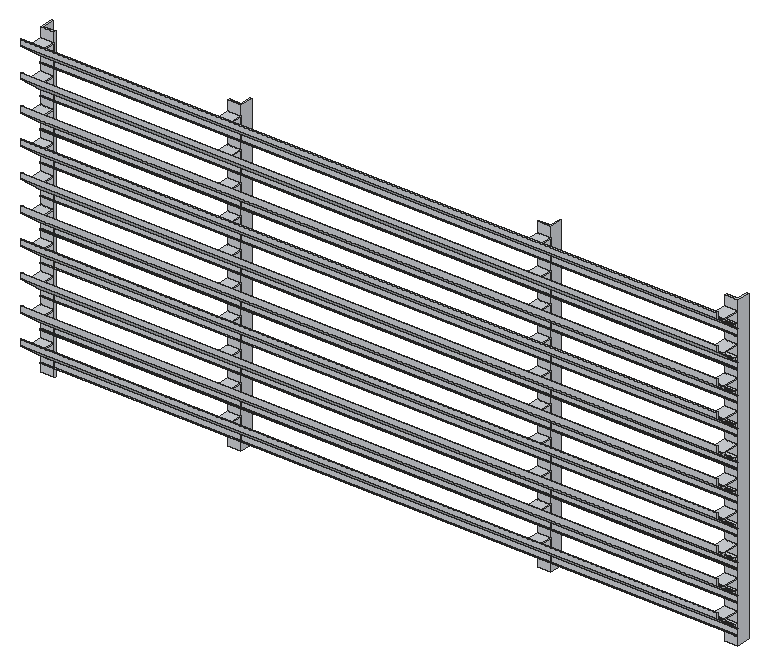
Revit family "ES-EL-4", category Mechanical Equipment, Revit 2015
Parameters
  URL = "http://unitedenertech.com/catalog/pdf/A_47%20ES-EL-4.pdf"
  Type Comments = "Max. Single Section Size is (84\"w x 120\"h) or (120\"w x 84\"h)"
  Model = "ES-EL-4"
  Manufacturer = "United Enertech Corporation"
  Keynote = "Note: Blade Braces Set to Visibility Parameters, Correct Number Will Appear when Loaded into Project."
  Exact Width = 9' - 0"
  Exact Height = 4' - 0"
  Description = "4\" Aluminum Equipment Screen"
  Brace Visibility (2) [instance] = if(Exact Width > 7' 11 115/128", 2 > 1, 1 > 2)  # yes
  Brace Visibility [instance] = if(and(Exact Width > 3' 11 115/128", Exact Width < 7' 11 115/128"), 2 > 1, 1 > 2)  # no
  Brace Spacing = 0' - 4.63"
  Blade Spacing = 0' - 4.63"
  Blade Number [instance] = rounddown(Exact Height / 0' 4 161/256")  # 10
Reference planes (in)
  plane 1 "Center (Front/Back)": y = 0
  plane 2: z = 0
  plane 3 "Center (Left/Right)": x = 0
  plane 4: x = -54
  plane 5: x = 54
  plane 6: z = 48
  plane 7: z = 46.47961
Forms (in)
  Extrusion 1, solid
    sketch origin (81.10211, -17.31545, 0) x (1, 0, 0) y (0, 1, 0)
      loop
        line (-29.10211, 17.31545) -> (-27.10211, 17.31545) -> (-27.10211, 19.31545) -> (-27.35211, 19.31545) -> (-27.35211, 17.56545) -> (-29.10211, 17.56545) -> (-29.10211, 17.31545)
    from 0 to 48
  Extrusion 2, solid
    sketch origin (-81.10211, -17.31545, 0) x (-1, 0, 0) y (0, -1, 0)
      loop
        line (-29.10211, -17.31545) -> (-29.10211, -17.56545) -> (-27.35211, -17.56545) -> (-27.35211, -19.31545) -> (-27.10211, -19.31545) -> (-27.10211, -17.31545) -> (-29.10211, -17.31545)
    from 0 to 48
Dimensions and locks (in)
  equal spacing: plane 4, plane 3 "Center (Left/Right)", plane 5
  "Exact Width": plane 4 to plane 5
  "Exact Height": plane 6 to level
  equal spacing: group 1, group 2, group 3, group 4, group 5, group 6, group 7, group 22, group 23, group 24  (x2)
  equal spacing: group 24, group 23, group 22, group 7, group 6, group 5, group 4, group 3, group 2, group 1
  "Blade Spacing": nested 2 to nested 1
  locked: plane 6 to plane 7 at 1.52039
  equal spacing: group 8, group 9, group 10, group 11, group 12, group 13, group 14, group 25, group 26, group 27  (x2)
  equal spacing: group 27, group 26, group 25, group 14, group 13, group 12, group 11, group 10, group 9, group 8
  "Brace Spacing": nested 10 to nested 8
  equal spacing: group 15, group 16, group 17, group 18, group 19, group 20, group 21, group 28, group 29, group 30  (x2)
  equal spacing: group 30, group 29, group 28, group 21, group 20, group 19, group 18, group 17, group 16, group 15
  "Brace Spacing": nested 16 to nested 9
  aligned and locked: level to plane 2
  aligned and locked: plane 3 "Center (Left/Right)" to nested 1
  aligned and locked: plane 6 to Extrusion 2
  aligned and locked: plane 6 to Extrusion 1
  aligned and locked: Extrusion 2 to level
  aligned and locked: Extrusion 1 to level
  aligned and locked: plane 6 to nested 1
  aligned and locked: plane 7 to nested 8  (x2)
  aligned and locked: plane 4 to nested 8
  aligned and locked: plane 5 to nested 9
  aligned and locked: nested 10 to nested 8
  aligned and locked: plane 7 to nested 9
  aligned and locked: nested 16 to nested 9
  aligned and locked: nested 31 to level
  aligned and locked: level to Extrusion 2  (x3)
  aligned and locked: nested 32 to level
  aligned and locked: nested 33 to level
Automatic sketch dimensions
  plane 1 "Center (Front/Back)" to Extrusion 1 sketch curve = 0' - 0"
  Extrusion 1 sketch curve to plane 5 = 0' - 0"
  Extrusion 1 sketch curve to plane 5 = 0' - 0 1/4"
  Extrusion 1 sketch curve to plane 1 "Center (Front/Back)" = 0' - 0 1/4"
  Extrusion 1 sketch curve to Extrusion 1 sketch curve = 0' - 1 3/4"  (x2)
  plane 1 "Center (Front/Back)" to Extrusion 2 sketch curve = 0' - 0"
  Extrusion 2 sketch curve to plane 4 = 0' - 0"
  plane 4 to Extrusion 2 sketch curve = 0' - 0 1/4"
  plane 1 "Center (Front/Back)" to Extrusion 2 sketch curve = 0' - 0 1/4"
  Extrusion 2 sketch curve to Extrusion 2 sketch curve = 0' - 1 3/4"  (x2)
Nested families (in)
  nested 1: "ESEL4BLADE" at (0, -3.75488, 39.54991), type "ESEL4BLADE"
    with Blade Width 9' - 0"
  nested 2: "ESEL4BLADE" at (0, -3.75488, 34.91991), type "ESEL4BLADE"
    with Blade Width 9' - 0"
  nested 3: "ESEL4BLADE" at (0, -3.75488, 30.28991), type "ESEL4BLADE"
    with Blade Width 9' - 0"
  nested 4: "ESEL4BLADE" at (0, -3.75488, 25.65991), type "ESEL4BLADE"
    with Blade Width 9' - 0"
  nested 5: "ESEL4BLADE" at (0, -3.75488, 21.02991), type "ESEL4BLADE"
    with Blade Width 9' - 0"
  nested 6: "ESEL4BLADE" at (0, -3.75488, 16.39991), type "ESEL4BLADE"
    with Blade Width 9' - 0"
  nested 7: "ESEL4BLADE" at (0, -3.75488, 11.76991), type "ESEL4BLADE"
    with Blade Width 9' - 0"
  nested 8: "Family7" at (-53, -4.07013, 39.5468), type "Family7"
  nested 9: "Family7" at (53, -4.07013, 39.5468), type "Family7"
  nested 10: "Family7" at (-53, -4.07013, 34.9168), type "Family7"
  nested 11: "Family7" at (-53, -4.07013, 30.2868), type "Family7"
  nested 12: "Family7" at (-53, -4.07013, 25.6568), type "Family7"
  nested 13: "Family7" at (-53, -4.07013, 21.0268), type "Family7"
  nested 14: "Family7" at (-53, -4.07013, 16.3968), type "Family7"
  nested 15: "Family7" at (-53, -4.07013, 11.7668), type "Family7"
  nested 16: "Family7" at (53, -4.07013, 34.9168), type "Family7"
  nested 17: "Family7" at (53, -4.07013, 30.2868), type "Family7"
  nested 18: "Family7" at (53, -4.07013, 25.6568), type "Family7"
  nested 19: "Family7" at (53, -4.07013, 21.0268), type "Family7"
  nested 20: "Family7" at (53, -4.07013, 16.3968), type "Family7"
  nested 21: "Family7" at (53, -4.07013, 11.7668), type "Family7"
  nested 22: "ESEL4BLADE" at (0, -3.75488, 7.13991), type "ESEL4BLADE"
    with Blade Width 9' - 0"
  nested 23: "ESEL4BLADE" at (0, -3.75488, 2.50991), type "ESEL4BLADE"
    with Blade Width 9' - 0"
  nested 24: "ESEL4BLADE" at (0, -3.75488, -2.12009), type "ESEL4BLADE"
    with Blade Width 9' - 0"
  nested 25: "Family7" at (-53, -4.07013, 7.1368), type "Family7"
  nested 26: "Family7" at (-53, -4.07013, 2.5068), type "Family7"
  nested 27: "Family7" at (-53, -4.07013, -2.1232), type "Family7"
  nested 28: "Family7" at (53, -4.07013, 7.1368), type "Family7"
  nested 29: "Family7" at (53, -4.07013, 2.5068), type "Family7"
  nested 30: "Family7" at (53, -4.07013, -2.1232), type "Family7"
  nested 31: "ESEL4BRACEFAM" at (1, 0, 0), visible <- "Brace Visibility", type "ESEL4BRACEFAM"
    with BN 10
  nested 32: "ESEL4BRACEFAM" at (25, 0, 0), visible <- "Brace Visibility (2)", type "ESEL4BRACEFAM"
    with BN 10
  nested 33: "ESEL4BRACEFAM" at (-23, 0, 0), visible <- "Brace Visibility (2)", type "ESEL4BRACEFAM"
    with BN 10
Definition of nested family "ESEL4BLADE"
  Parameters (values of type "ESEL4BLADE")
    Blade Width = 4' - 0"
  Reference planes (in)
    plane 1 "Center (Front/Back)": y = 0
    plane 2: z = 0
    plane 3 "Center (Left/Right)": x = 0
    plane 4: x = -24
    plane 5: x = 24
  Forms (in)
    Extrusion 1, solid
      sketch origin (-0.71801, -3.55122, 4.26923) x (0, 1, 0) y (0, 0, 1)
        loop
          line (3.33831, 4.18086) -> (3.25788, 4.18086) -> (3.25788, 3.28631) -> (7.22538, 0.12496) -> (7.22538, -0.63832) -> (6.98461, -0.63832) -> (6.98461, -0.71932) -> (7.3061, -0.71932) -> (7.3061, 0.16421) -> (6.61953, 0.71127) -> (6.67581, 0.7499) -> (6.70866, 0.80279) -> (6.71871, 0.85379) -> (6.71518, 0.8919) -> (6.63589, 0.8757)
          arc (6.63589, 0.8757) -> (6.50151, 0.80676) -> (6.5856, 0.93222) r 0.078
          line (6.5856, 0.93222) -> (6.60764, 1.01448) -> (6.54962, 1.01729) -> (6.47816, 0.99506) -> (6.43258, 0.95401) -> (6.40131, 0.88515) -> (4.60176, 2.31906) -> (4.6545, 2.35403) -> (4.69581, 2.42607) -> (4.69841, 2.49502) -> (4.67833, 2.55197) -> (4.60821, 2.50765)
          arc (4.60821, 2.50765) -> (4.50512, 2.39768) -> (4.53979, 2.54437) r 0.078
          line (4.53979, 2.54437) -> (4.53979, 2.62932) -> (4.47398, 2.61012) -> (4.42443, 2.57344) -> (4.40013, 2.53817) -> (4.38212, 2.49407) -> (3.33831, 3.32579) -> (3.33831, 4.18086)
      from -23.28199 to 24.71801
  Dimensions and locks (in)
    equal spacing: plane 4, plane 3 "Center (Left/Right)", plane 5
    "Blade Width": plane 4 to plane 5
    aligned and locked: level to plane 2
    aligned and locked: plane 5 to Extrusion 1
    aligned and locked: plane 4 to Extrusion 1
  Automatic sketch dimensions
    plane 1 "Center (Front/Back)" to Extrusion 1 sketch curve = 0' - 0.29334"
    Extrusion 1 sketch curve to Extrusion 1 sketch curve = 0' - 0.08044"
    Extrusion 1 sketch curve to plane 1 "Center (Front/Back)" = 0' - 0.83091"
    Extrusion 1 sketch curve to Extrusion 1 sketch curve = 0' - 0.018"
    Extrusion 1 sketch curve to Extrusion 1 sketch curve = 0' - 0.02431"
    Extrusion 1 sketch curve to Extrusion 1 sketch curve = 0' - 0.04955"
    Extrusion 1 sketch curve to Extrusion 1 sketch curve = 0' - 0.0658"
    Extrusion 1 sketch curve to Extrusion 1 sketch curve = 0' - 0.00222"
    Extrusion 1 sketch curve to Extrusion 1 sketch curve = 0' - 0.05975"  (x2)
    Extrusion 1 sketch curve to Extrusion 1 sketch curve = 0' - 0.06843"
    Extrusion 1 sketch curve to Extrusion 1 sketch curve = 0' - 0.05274"
    Extrusion 1 sketch curve to Extrusion 1 sketch curve = 0' - 0.07012"
    Extrusion 1 sketch curve to Extrusion 1 sketch curve = 0' - 0.04131"
    Extrusion 1 sketch curve to Extrusion 1 sketch curve = 0' - 0.02008"
    Extrusion 1 sketch curve to Extrusion 1 sketch curve = 0' - 1.74681"
    Extrusion 1 sketch curve to Extrusion 1 sketch curve = 0' - 0.03127"
    Extrusion 1 sketch curve to Extrusion 1 sketch curve = 0' - 0.04558"
    Extrusion 1 sketch curve to Extrusion 1 sketch curve = 0' - 0.07147"
    Extrusion 1 sketch curve to Extrusion 1 sketch curve = 0' - 0.01016"
    Extrusion 1 sketch curve to Extrusion 1 sketch curve = 0' - 0.02581"
    Extrusion 1 sketch curve to Extrusion 1 sketch curve = 0' - 0.05801"
    Extrusion 1 sketch curve to Extrusion 1 sketch curve = 0' - 0.05029"
    Extrusion 1 sketch curve to Extrusion 1 sketch curve = 0' - 0.05628"
    Extrusion 1 sketch curve to Extrusion 1 sketch curve = 0' - 0.03285"
    Extrusion 1 sketch curve to Extrusion 1 sketch curve = 0' - 0.0793"
    Extrusion 1 sketch curve to Extrusion 1 sketch curve = 0' - 0.00353"
    Extrusion 1 sketch curve to Extrusion 1 sketch curve = 0' - 0.36508"
    Extrusion 1 sketch curve to Extrusion 1 sketch curve = 0' - 0.24076"
    Extrusion 1 sketch curve to Extrusion 1 sketch curve = 0' - 0.08072"
    level to Extrusion 1 sketch curve = 0' - 3.54991"
    Extrusion 1 sketch curve to Extrusion 1 sketch curve = 0' - 0.081"
    Extrusion 1 sketch curve to Extrusion 1 sketch curve = 0' - 0.76328"
    Extrusion 1 sketch curve to Extrusion 1 sketch curve = 0' - 0.03925"
    Extrusion 1 sketch curve to Extrusion 1 sketch curve = 0' - 0.58631"
    Extrusion 1 sketch curve to Extrusion 1 sketch curve = 0' - 0.03864"
    Extrusion 1 sketch curve to Extrusion 1 sketch curve = 0' - 0.05288"
    Extrusion 1 sketch curve to Extrusion 1 sketch curve = 0' - 0.051"
    Extrusion 1 sketch curve to Extrusion 1 sketch curve = 0' - 0.00483"
    Extrusion 1 sketch curve to Extrusion 1 sketch curve = 0' - 0.01709"
    Extrusion 1 sketch curve to Extrusion 1 sketch curve = 0' - 0.02654"
    Extrusion 1 sketch curve to Extrusion 1 sketch curve = 0' - 0.03812"
    Extrusion 1 sketch curve to Extrusion 1 sketch curve = 0' - 0.06886"
    Extrusion 1 sketch curve to Extrusion 1 sketch curve = 0' - 0.04105"
    Extrusion 1 sketch curve to Extrusion 1 sketch curve = 0' - 0.08226"
    Extrusion 1 sketch curve to Extrusion 1 sketch curve = 0' - 0.00281"
    Extrusion 1 sketch curve to Extrusion 1 sketch curve = 0' - 1.36505"
    Extrusion 1 sketch curve to Extrusion 1 sketch curve = 0' - 0.03498"
    Extrusion 1 sketch curve to Extrusion 1 sketch curve = 0' - 0.07204"
    Extrusion 1 sketch curve to Extrusion 1 sketch curve = 0' - 0.11237"
    Extrusion 1 sketch curve to Extrusion 1 sketch curve = 0' - 0.02767"
    Extrusion 1 sketch curve to Extrusion 1 sketch curve = 0' - 0.06895"
    Extrusion 1 sketch curve to Extrusion 1 sketch curve = 0' - 0.04124"
    Extrusion 1 sketch curve to Extrusion 1 sketch curve = 0' - 0.0441"
    Extrusion 1 sketch curve to Extrusion 1 sketch curve = 0' - 0.05696"
    Extrusion 1 sketch curve to Extrusion 1 sketch curve = 0' - 0.03527"
    Extrusion 1 sketch curve to Extrusion 1 sketch curve = 0' - 0.03667"
    Extrusion 1 sketch curve to Extrusion 1 sketch curve = 0' - 0.0192"
    Extrusion 1 sketch curve to Extrusion 1 sketch curve = 0' - 0.74814"
    Extrusion 1 sketch curve to Extrusion 1 sketch curve = 0' - 0.03948"
    Extrusion 1 sketch curve to Extrusion 1 sketch curve = 0' - 0.85507"
Definition of nested family "Family7"
  Parameters (values of type "Family7")
    Brace Length = 0' - 2"
  Reference planes (in)
    plane 1 "Center (Front/Back)": y = 0
    plane 2: z = 0
    plane 3 "Center (Left/Right)": x = 0
    plane 4: x = -1
    plane 5: x = 1
  Forms (in)
    Extrusion 1, solid
      sketch origin (0.54365, -3.88733, 3.34368) x (0, 1, 0) y (0, 0, 1)
        loop
          arc (5.20403, 3.46709) -> (5.17014, 3.35625) -> (5.25491, 3.4353) r 0.06
          line (5.25491, 3.4353) -> (5.2923, 3.49513) -> (7.85133, 3.49513) -> (7.85133, 1.96548) -> (7.35816, 1.96548) -> (7.22451, 1.84086)
          arc (7.22451, 1.84086) -> (7.16309, 1.74256) -> (7.26543, 1.79698) r 0.06
          line (7.26543, 1.79698) -> (7.34533, 1.87148) -> (7.94533, 1.87148) -> (7.94533, 3.58913) -> (5.28029, 3.58913) -> (5.20403, 3.46709)
      from -1.54365 to 0.45635
  Dimensions and locks (in)
    equal spacing: plane 4, plane 3 "Center (Left/Right)", plane 5
    "Brace Length": plane 4 to plane 5
    aligned and locked: level to plane 2
    aligned and locked: plane 4 to Extrusion 1
    aligned and locked: plane 5 to Extrusion 1
  Automatic sketch dimensions
    Extrusion 1 sketch curve to plane 1 "Center (Front/Back)" = 0' - 1.31461"
    Extrusion 1 sketch curve to Extrusion 1 sketch curve = 0' - 0.00209"
    Extrusion 1 sketch curve to Extrusion 1 sketch curve = 0' - 0.05088"
    Extrusion 1 sketch curve to Extrusion 1 sketch curve = 0' - 0.07626"
    Extrusion 1 sketch curve to Extrusion 1 sketch curve = 0' - 0.03739"
    Extrusion 1 sketch curve to Extrusion 1 sketch curve = 0' - 1.95206"
    Extrusion 1 sketch curve to Extrusion 1 sketch curve = 0' - 0.01754"
    Extrusion 1 sketch curve to Extrusion 1 sketch curve = 0' - 0.05846"
    Extrusion 1 sketch curve to Extrusion 1 sketch curve = 0' - 0.07989"
    Extrusion 1 sketch curve to Extrusion 1 sketch curve = 0' - 0.01283"
    Extrusion 1 sketch curve to Extrusion 1 sketch curve = 0' - 0.49318"
    Extrusion 1 sketch curve to Extrusion 1 sketch curve = 0' - 0.094"  (x3)
    level to Extrusion 1 sketch curve = 0' - 5.12716"
    Extrusion 1 sketch curve to Extrusion 1 sketch curve = 0' - 0.0135"
    Extrusion 1 sketch curve to Extrusion 1 sketch curve = 0' - 0.0745"
    Extrusion 1 sketch curve to Extrusion 1 sketch curve = 0' - 1.56627"
    Extrusion 1 sketch curve to Extrusion 1 sketch curve = 0' - 0.02817"
    Extrusion 1 sketch curve to Extrusion 1 sketch curve = 0' - 0.05983"
Definition of nested family "ESEL4BRACEFAM"
  Parameters (values of type "ESEL4BRACEFAM")
    Bracing = 0' - 4.63"
    BN [instance] = rounddown(BH / 0' 4 161/256")  # 10
    BH = 4' - 0"
  Reference planes (in)
    plane 1 "Center (Front/Back)": y = 0
    plane 2: z = 0
    plane 3 "Center (Left/Right)": x = 0
    plane 4: z = 48
    plane 5: z = 46.46875
  Forms (in)
    Extrusion 1, solid
      sketch origin (-10.25943, -0.51941, 0) x (1, 0, 0) y (0, 1, 0)
        loop
          line (8.25943, 0.51941) -> (10.25943, 0.51941) -> (10.25943, 2.51941) -> (10.00943, 2.51941) -> (10.00943, 0.76941) -> (8.25943, 0.76941) -> (8.25943, 0.51941)
      from 0 to 48
  Dimensions and locks (in)
    "BH": plane 4 to level
    locked: plane 4 to plane 5 at 1.53125
    equal spacing: group 1, group 2, group 3, group 4, group 5, group 6, group 7, group 8, group 9, group 10  (x2)
    equal spacing: group 10, group 9, group 8, group 7, group 6, group 5, group 4, group 3, group 2, group 1
    "Bracing": nested 2 to nested 1
    aligned and locked: level to plane 2
    aligned and locked: plane 4 to Extrusion 1
    aligned and locked: Extrusion 1 to level
    aligned and locked: plane 3 "Center (Left/Right)" to nested 1
    aligned and locked: plane 3 "Center (Left/Right)" to Extrusion 1
    aligned and locked: plane 5 to nested 1
    aligned and locked: nested 2 to nested 1
  Automatic sketch dimensions
    plane 1 "Center (Front/Back)" to Extrusion 1 sketch curve = 0' - 0"
    Extrusion 1 sketch curve to plane 3 "Center (Left/Right)" = 0' - 0"
    Extrusion 1 sketch curve to plane 3 "Center (Left/Right)" = 0' - 0 1/4"
    Extrusion 1 sketch curve to Extrusion 1 sketch curve = 0' - 1 3/4"  (x2)
    Extrusion 1 sketch curve to plane 1 "Center (Front/Back)" = 0' - 0 1/4"
  Nested families (in)
    nested 1: "ESEL4BRACE" at (-1, -4.058, 39.53594), type "ESEL4BRACE"
    nested 2: "ESEL4BRACE" at (-1, -4.058, 34.90594), type "ESEL4BRACE"
    nested 3: "ESEL4BRACE" at (-1, -4.058, 30.27594), type "ESEL4BRACE"
    nested 4: "ESEL4BRACE" at (-1, -4.058, 25.64594), type "ESEL4BRACE"
    nested 5: "ESEL4BRACE" at (-1, -4.058, 21.01594), type "ESEL4BRACE"
    nested 6: "ESEL4BRACE" at (-1, -4.058, 16.38594), type "ESEL4BRACE"
    nested 7: "ESEL4BRACE" at (-1, -4.058, 11.75594), type "ESEL4BRACE"
    nested 8: "ESEL4BRACE" at (-1, -4.058, 7.12594), type "ESEL4BRACE"
    nested 9: "ESEL4BRACE" at (-1, -4.058, 2.49594), type "ESEL4BRACE"
    nested 10: "ESEL4BRACE" at (-1, -4.058, -2.13406), type "ESEL4BRACE"
  Definition of nested family "ESEL4BRACE"
    Parameters (values of type "ESEL4BRACE")
      Brace Length = 0' - 2"
    Reference planes (in)
      plane 1 "Center (Front/Back)": y = 0
      plane 2: z = 0
      plane 3 "Center (Left/Right)": x = 0
      plane 4: x = -1
      plane 5: x = 1
    Forms (in)
      Extrusion 1, solid
        sketch origin (0.54365, -3.88733, 3.34368) x (0, 1, 0) y (0, 0, 1)
          loop
            arc (5.20403, 3.46709) -> (5.17014, 3.35625) -> (5.25491, 3.4353) r 0.06
            line (5.25491, 3.4353) -> (5.2923, 3.49513) -> (7.85133, 3.49513) -> (7.85133, 1.96548) -> (7.35816, 1.96548) -> (7.22451, 1.84086)
            arc (7.22451, 1.84086) -> (7.16309, 1.74256) -> (7.26543, 1.79698) r 0.06
            line (7.26543, 1.79698) -> (7.34533, 1.87148) -> (7.94533, 1.87148) -> (7.94533, 3.58913) -> (5.28029, 3.58913) -> (5.20403, 3.46709)
        from -1.54365 to 0.45635
    Dimensions and locks (in)
      equal spacing: plane 4, plane 3 "Center (Left/Right)", plane 5
      "Brace Length": plane 4 to plane 5
      aligned and locked: level to plane 2
      aligned and locked: plane 4 to Extrusion 1
      aligned and locked: plane 5 to Extrusion 1
    Automatic sketch dimensions
      Extrusion 1 sketch curve to plane 1 "Center (Front/Back)" = 0' - 1.31461"
      Extrusion 1 sketch curve to Extrusion 1 sketch curve = 0' - 0.00209"
      Extrusion 1 sketch curve to Extrusion 1 sketch curve = 0' - 0.05088"
      Extrusion 1 sketch curve to Extrusion 1 sketch curve = 0' - 0.07626"
      Extrusion 1 sketch curve to Extrusion 1 sketch curve = 0' - 0.03739"
      Extrusion 1 sketch curve to Extrusion 1 sketch curve = 0' - 1.95206"
      Extrusion 1 sketch curve to Extrusion 1 sketch curve = 0' - 0.01754"
      Extrusion 1 sketch curve to Extrusion 1 sketch curve = 0' - 0.05846"
      Extrusion 1 sketch curve to Extrusion 1 sketch curve = 0' - 0.07989"
      Extrusion 1 sketch curve to Extrusion 1 sketch curve = 0' - 0.01283"
      Extrusion 1 sketch curve to Extrusion 1 sketch curve = 0' - 0.49318"
      Extrusion 1 sketch curve to Extrusion 1 sketch curve = 0' - 0.094"  (x3)
      level to Extrusion 1 sketch curve = 0' - 5.12716"
      Extrusion 1 sketch curve to Extrusion 1 sketch curve = 0' - 0.0135"
      Extrusion 1 sketch curve to Extrusion 1 sketch curve = 0' - 0.0745"
      Extrusion 1 sketch curve to Extrusion 1 sketch curve = 0' - 1.56627"
      Extrusion 1 sketch curve to Extrusion 1 sketch curve = 0' - 0.02817"
      Extrusion 1 sketch curve to Extrusion 1 sketch curve = 0' - 0.05983"
